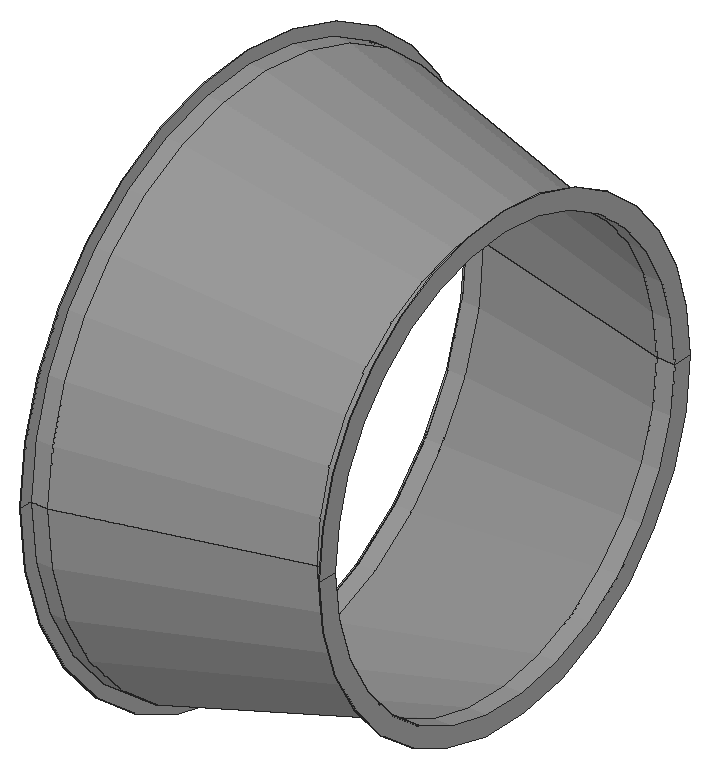
Revit family "НЕBАТОМ_Диффузор VO, версия 1", category Воздухораспределители, Revit 2017
Family settings
  Размер круглого соединителя = Использовать диаметр
  Тип детали = Нормальный
  На основе рабочей плоскости = Нет
  Всегда вертикально = Да
  При загрузке вырезать с полостями = Нет
  Общий = Нет
  Точка расчета площади = Нет
Parameters (values of type "Диффузор VO №12,5")
  R4 = Dnv / 2  # 680 mm
  R3 = D / 2  # 625 mm
  R2 = D1 / 2  # 800 mm
  R1 = Dnf / 2  # 840 mm
  Nevatom_URL = "https://t.me/NEVATOM_Bim_bot"
  L = 756 mm
  Dnv = 1360 mm
  Dnf = 1680 mm
  D1 = 1600 mm
  D = 1250 mm
  ADSK_Примечание = ""
  ADSK_Позиция = ""
  ADSK_Наименование = "Диффузор"  # constant formula
  ADSK_Материал наименование = "Оцинкованная сталь"
  ADSK_Марка = "VO-1250/1600"
  ADSK_Количество = 1  # constant formula
  ADSK_Код изделия = ""
  ADSK_Завод-изготовитель = "НЕВАТОМ"  # constant formula
  ADSK_Единица измерения = "шт."  # constant formula
  ADSK_URL документации изделия = ""
Types (12, lengths in mm): name | R4 | R3 | R2 | R1 | L | Dnv | Dnf | D1 | D | ADSK_Марка
  (no name) | 680 | 625 | 800 | 840 | 756 | 1360 | 1680 | 1600 | 1250 | "VO-1250/1600"
  Диффузор VO №6,3 | 365 | 315 | 400 | 432 | 420 | 730 | 864 | 800 | 630 | "VO-630/800"
  Диффузор VO №4,0 | 240 | 200 | 250 | 275 | 289 | 480 | 550 | 500 | 400 | "VO-400/500"
  Диффузор VO №4,5 | 265 | 225 | 280 | 305 | 308 | 530 | 610 | 560 | 450 | "VO-450/560"
  Диффузор VO №5,0 | 295 | 250 | 315 | 340 | 345 | 590 | 680 | 630 | 500 | "VO-500/630"
  Диффузор VO №5,6 | 325 | 280 | 355 | 395 | 382 | 650 | 790 | 710 | 560 | "VO-560/710"
  Диффузор VO №7,1 | 405 | 355 | 450 | 482 | 457 | 810 | 964 | 900 | 710 | "VO-710/900"
  Диффузор VO №8,0 | 450 | 400 | 500 | 540 | 476 | 900 | 1080 | 1000 | 800 | "VO-800/1000"
  Диффузор VO №9,0 | 505 | 450 | 560 | 592 | 514 | 1010 | 1184 | 1120 | 900 | "VO-900/1120"
  Диффузор VO №10 | 550 | 500 | 625 | 665 | 570 | 1100 | 1330 | 1250 | 1000 | "VO-1000/1250"
  Диффузор VO №11,2 | 615 | 560 | 700 | 740 | 626 | 1230 | 1480 | 1400 | 1120 | "VO-1120/1400"
  Диффузор VO №12,5 | 680 | 625 | 800 | 840 | 756 | 1360 | 1680 | 1600 | 1250 | "VO-1250/1600"
Reference planes
  plane 1 "По центру (Вперед/Назад)": y = 0
  plane 2: z = 0
  plane 3 "По центру (Влево/Вправо)": x = 0
Forms (mm)
  Revolve 1, solid, material "сталь оцинкованная"
    sketch origin (0, 0, 0) x (1, 0, 0) y (0, 1, 0)
      loop
        line (-378, 840) -> (-378, 800) -> (-375, 800) -> (-325.399, 800) -> (324.601, 625) -> (378, 625) -> (378, 680) -> (375, 680) -> (375, 628) -> (325, 628) -> (-325, 803) -> (-375, 803) -> (-375, 840) -> (-378, 840)
      axis (378, 0) -> (-378, 0)
    angle from 0 to 360
Lines and regions (mm)
  reference lines
    curve 1: line (0, 0, 0) -> (-210, 0, 0)
    curve 2: line (0, 0, 0) -> (210, 0, 0)
Dimensions and locks
  equal spacing: Revolve 1 sketch curve, plane 3 "По центру (Влево/Вправо)", Revolve 1 sketch curve
  "L": Revolve 1 sketch curve to Revolve 1 sketch curve
  "R2": Revolve 1 sketch curve to Revolve 1 sketch curve
  "R1": Revolve 1 sketch curve to Revolve 1 sketch curve
  "R3": Revolve 1 sketch curve to Revolve 1 sketch curve
  "R4": plane 1 "По центру (Вперед/Назад)" to Revolve 1 sketch curve
  aligned and locked: level to plane 2
Automatic sketch dimensions
  plane 1 "По центру (Вперед/Назад)" to curve 1 = 0 mm
  curve 2 to plane 3 "По центру (Влево/Вправо)" = 0 mm
  curve 1 to plane 3 "По центру (Влево/Вправо)" = 210 mm
  plane 3 "По центру (Влево/Вправо)" to curve 2 = 210 mm
  plane 1 "По центру (Вперед/Назад)" to Revolve 1 sketch curve = 0 mm
  Revolve 1 sketch curve to Revolve 1 sketch curve = 3 mm  (x4)
  Revolve 1 sketch curve to Revolve 1 sketch curve = 0 mm
  Revolve 1 sketch curve to Revolve 1 sketch curve = 49.601 mm
  Revolve 1 sketch curve to Revolve 1 sketch curve = 0.399 mm  (x2)
  Revolve 1 sketch curve to Revolve 1 sketch curve = 53.399 mm
  Revolve 1 sketch curve to Revolve 1 sketch curve = 766.5 mm
  Revolve 1 sketch curve to Revolve 1 sketch curve = 407.5 mm
Connectors
  hvac at (-378, 0, 0), driven by "D1"
    settings: on Revolve 1, index 1, duct flow 0.0 L/s, flow factor 0, pres drop 0.0 Pa, loss coef 0, conn angle 0.00°, conn width 304.8 mm, conn height 304.8 mm, conn diameter 1600 mm, duct sys type 29, conn prof type 0, flow config 0, flow direction 0, loss method 0, conn ref index 2, conn util no, is conn primary yes, conn desc ""
  hvac at (378, 0, 0), driven by "D"
    settings: on Revolve 1, index 2, duct flow 0.0 L/s, flow factor 0, pres drop 0.0 Pa, loss coef 0, conn angle 0.00°, conn width 304.8 mm, conn height 304.8 mm, conn diameter 1250 mm, duct sys type 29, conn prof type 0, flow config 0, flow direction 0, loss method 0, conn ref index 1, conn util no, is conn primary no, conn desc ""
